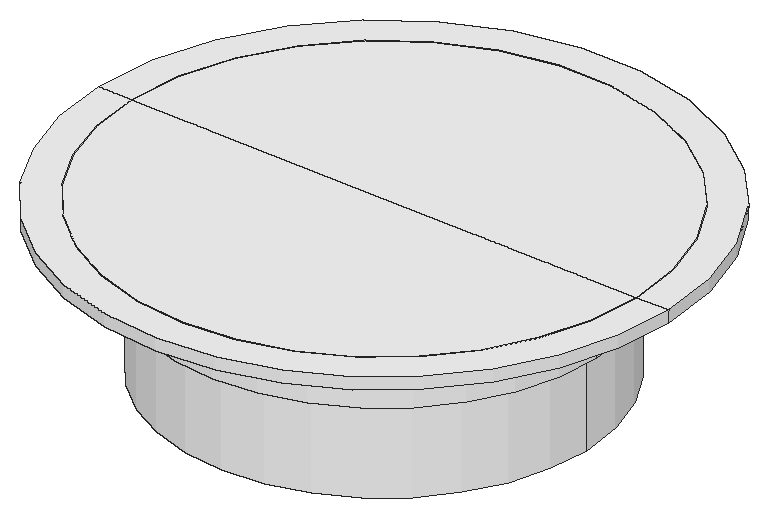
Revit family "C1500", category Plumbing Fixtures, host Face, Revit 2026
Family settings
  Host = Face
  Round Connector Dimension = Use Radius
  Part Type = Normal
  Classification Number = 23.45.55.21
  Enable Cutting in Views = No
  Cut with Voids When Loaded = No
  Maintain Annotation Orientation = No
  Shared = No
  Room Calculation Point = No
Parameters (values of type "4"")
  WFU = 0
  URL = "WWW.MIFAB.COM"
  Top Assembly Height = 2.000"
  Stainer Radius = Stainer Diameter / 2  # 3.6875"
  Stainer Diameter = 7.375"
  Pipe Radius = Pipe Diameter / 2  # 2.000"
  Pipe Diameter = 4.000"
  Model = "C1500"
  Manufacturer = "MIFAB"
  Floor Drain Material = Paint - Sherwin Williams Paint - #952C2A - Bellwood Red
  Description = "DECK CLEANOUT"
  Default Elevation = 0.000"
  Body Height = 2.000"
Types (5): name | Stainer Radius | Stainer Diameter | Pipe Radius | Pipe Diameter
  (no name) | 3.6875" | 7.375" | 2.000" | 4.000"
  3" | 3.000" | 6.000" | 1.500" | 3.000"
  2" | 2.375" | 4.750" | 1.000" | 2.000"
  4" | 3.6875" | 7.375" | 2.000" | 4.000"
  6" | 4.6875" | 9.375" | 3.000" | 6.000"
Reference planes (in)
  plane 1 "Center (Front/Back)": y = 0
  plane 2: z = 0
  plane 3 "Center (Left/Right)": x = 0
  plane 4: z = -4
  plane 5: x = -2
  plane 6: x = 2
  plane 7: z = -2
  plane 8: x = -3.6875
  plane 9: x = 3.6875
Forms (in)
  Revolve 1, solid, material "Paint - Sherwin Williams Paint - #952C2A - Bellwood Red" <- "Floor Drain Material"
    sketch origin (-0.15, 0, 0) x (1, 0, 0) y (0, 0, 1)
      loop
        line (-1.85, -3.815) -> (-2.3625, -3.815) -> (-2.3625, -2.7) -> (-2.5125, -2.7) -> (-2.5125, -2.12) -> (-3.1175, -2.12) -> (-3.1175, -2) -> (-3.5375, -2) -> (-3.5375, -2.15) -> (-2.6125, -2.15) -> (-2.6125, -2.88) -> (-2.4725, -2.88) -> (-2.4725, -4) -> (-1.85, -4) -> (-1.85, -3.815)
      axis (0.15, -2) -> (0.15, -4)
    angle from 0 to 360
  Revolve 2, solid, material "Paint - Sherwin Williams Paint - #952C2A - Bellwood Red" <- "Floor Drain Material"
    sketch origin (0.00134, 0, 0.00239) x (1, 0, 0) y (0, 0, 1)
      loop
        line (-3.26879, -2.00239) -> (-3.26879, -2.12239) -> (-2.66164, -2.12239) -> (-2.66164, -2.21969) -> (-2.61844, -2.21969) -> (-2.61844, -2.7) -> (0, -2.7) -> (0, -2.00239) -> (-3.26879, -2.00239)
      axis (0, -2.00239) -> (0, -2.7)
    angle from 0 to 360
Dimensions and locks (in)
  "Body Height": plane 7 to plane 4
  equal spacing: plane 6, plane 3 "Center (Left/Right)", plane 5
  "Pipe Diameter": plane 6 to plane 5
  "Top Assembly Height": host face to plane 7
  equal spacing: plane 8, plane 3 "Center (Left/Right)", plane 9
  "Stainer Diameter": plane 8 to plane 9
  equal spacing: plane 5, plane 3 "Center (Left/Right)", plane 6
  locked: Revolve 1 sketch curve to Revolve 1 sketch curve at 0.42
  locked: Revolve 1 sketch curve to Revolve 1 sketch curve at 0.25
  locked: Revolve 1 sketch curve to Revolve 1 sketch curve at 1.12
  locked: Revolve 1 sketch curve to Revolve 1 sketch curve at 0.73
  locked: Revolve 1 sketch curve to Revolve 1 sketch curve at 0.15
  locked: Revolve 1 sketch curve to Revolve 1 sketch curve at 0.1
  locked: Revolve 1 sketch curve to Revolve 1 sketch curve at 0.11
  locked: Revolve 1 sketch curve to Revolve 1 sketch curve at 0.58
  locked: Revolve 1 sketch curve to Revolve 1 sketch curve at 1.115
  locked: Revolve 1 sketch curve to Revolve 1 sketch curve at 0.185
  locked: plane 8 to Revolve 1 sketch curve at 1.175
  locked: Revolve 2 sketch curve to Revolve 2 sketch curve at 0.0432
  locked: Revolve 1 to Revolve 2 sketch curve at 0.0973
  locked: plane 8 to Revolve 2 sketch curve at 0.42004
  locked: Revolve 2 sketch curve to Revolve 2 sketch curve at 0.65035
  aligned and locked: plane 2 to host face
  aligned and locked: level to host face
  aligned and locked: Revolve 1 sketch curve to plane 4
  aligned and locked: Revolve 1 sketch curve to plane 3 "Center (Left/Right)"
  aligned and locked: plane 8 to Revolve 1 sketch curve
  aligned and locked: Revolve 1 sketch curve to plane 5
  aligned and locked: Revolve 2 sketch curve to Revolve 1
  aligned and locked: Revolve 1 to Revolve 2 sketch curve
Automatic sketch dimensions
  host sketch curve to host sketch curve = 96.000"  (x2)
  Revolve 1 sketch curve to plane 4 = 2.11958"
  level to Revolve 1 sketch curve = 0.750"
  Revolve 2 sketch curve to plane 7 = 0.69761"
  plane 3 "Center (Left/Right)" to Revolve 2 sketch curve = 0.00134"  (x2)
  plane 4 to Revolve 2 sketch curve = 0.57031"
  Revolve 2 sketch curve to Revolve 2 sketch curve = 0.95507"
Connectors (in)
  piping at (0, 0, -4), diameter 4, driven by "Pipe Radius"
    settings: on Revolve 1, index 1, connector inside diameter 4", connector length 0.000", flow factor 0, pipe flow 0 GPM, pressure drop 0.00 psi, fitting loss kfactor 0, connector angle 0.00°, fixture units 0, engagement length 0.000", angle of deflection 0.00°, flow configuration 0, flow direction 0, fitting loss method 0, system type 7, joint type 0, gender type 0, connector reference index -1, connector utility 0, adjustable connector no, is connector primary yes, connector description ""
